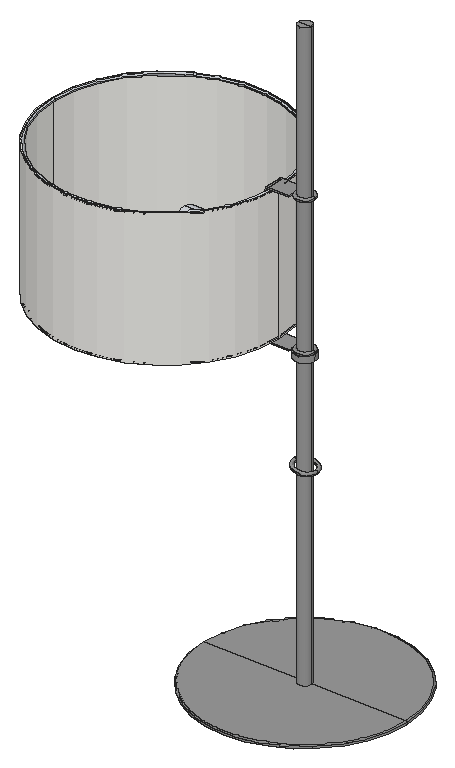
Revit family "Indoor_Table Lamp_Santa&Cole_TMD", category Luminarias, Revit 2018
Family settings
  Cota de conector redondo = Diámetro de uso
  Tipo de pieza = Normal
  Número OmniClass = 23.80.70.00
  Título OmniClass = Lighting
  Se basa en plano de trabajo = No
  Siempre vertical = Sí
  Corte con vacíos al cargar = No
  Origen de luz = Sí
  Compartido = No
  Punto de cálculo de habitación = No
Parameters
  Wattage = 3.16409 W
  Technical Information = "https://www.santacole.com/recursos/productos/downloads/pdf_espec_tecnicas/SC_TMD_sobremesa_ficha%20tecnica.pdf"
  built-in parameter 1150110 = 1 (stored number, unit not read)
  URL = "https://www.santacole.com/en/catalogue/table-lamps/tmd"
  Manufacturer website = "http://www.santacole.com"
  built-in parameter 1114217 = 1 (stored number, unit not read)
  built-in parameter 1150109 = 1 (stored number, unit not read)
  Energy Label = "https://www.santacole.com/recursos/productos/downloads/pdf_energy_label/Energy%20Label_TMD_without_bulb.pdf"
  Designed by = "Miguel Milá. 1996"
  Contact phone = "+34.938.619.100"
  Contact e-mail = "info@santacole.com"
  built-in parameter 1150134 = (empty or 0)
  built-in parameter 1150113 = 1 (stored number, unit not read)
  Modelo = "TMD"
  Fabricante = "Santa & Cole"
  Lumens = 470 lm
  built-in parameter 1150115 = 1 (stored number, unit not read)
  built-in parameter 1150105 = 37.401 (stored number, unit not read)
  Load = 4.5 W
  Tamaño de símbolo de origen de luz = 50 mm
  built-in parameter 1150137 = (empty or 0)
  built-in parameter 1150139 = (empty or 0)
  built-in parameter 1150112 = 1 (stored number, unit not read)
  built-in parameter 1150114 = 1 (stored number, unit not read)
  Lamp = ""
  built-in parameter 1150132 = 2
  built-in parameter 1150102 = (empty or 0)
  built-in parameter 1150138 = (empty or 0)
  built-in parameter 1150107 = 2700 (stored number, unit not read)
  built-in parameter 1150106 = 0.37401 (stored number, unit not read)
  built-in parameter 1150104 = 13.8 (stored number, unit not read)
  Code = "TME08"
  Dimming Lamp Color Temperature Shift = (empty or 0)
  Color Filter = 16777215
  built-in parameter 1114218 = 1 (stored number, unit not read)
  Assembly instructions - UL = "https://www.santacole.com/recursos/productos/downloads/pdf_montaje/TMD_sobremesa_im_UL.pdf"
  Assembly instructions - CE = "https://www.santacole.com/recursos/productos/downloads/pdf_montaje/TMD_sobremesa_im.pdf"
  built-in parameter 1150133 = 10 (stored number, unit not read)
  Apparent Load = 4.5 VA
Reference planes
  plane 1 "Light Source Axis (F/B)": y = 0
  plane 2: z = 0
  plane 3 "Light Source Axis (L/R)": x = 0
  plane 4 "Light Source Elevation": z = 408.338
  plane 5 "Sección": through (-11.431, -5000, 219.3) normal (0.1736, 0, 0.9848)
Forms (mm)
  Revolve 1, solid, material "Santa & Cole - Nickel"
    sketch origin (0, 0, 0) x (1, 0, 0) y (0, 0, 1)
      loop
        line (-112.5, 2.8) -> (-112.5, 0.8) -> (-110, 0.8) -> (-110, 0) -> (0, 0) -> (0, 653.8) -> (-7, 653.8) -> (-7, 3.8) -> (-111.5, 3.8)
        arc (-111.5, 3.8) -> (-112.207, 3.507) -> (-112.5, 2.8) r 1
      axis (0, 653.8) -> (0, 0)
    angle from 0 to 360
  Revolve 2, solid, material "Santa & Cole - Nickel"
    sketch origin (0, 0, 0) x (1, 0, 0) y (0, 0, 1)
      loop
        line (-7.147, 331) -> (-11.148, 331) -> (-11.148, 325) -> (-7.147, 325) -> (-7.147, 331)
      axis (0, 331) -> (0, 325)
    angle from 0 to 360
  Revolve 3, solid, material "Santa & Cole - Nickel"
    sketch origin (0, 0, 0) x (1, 0, 0) y (0, 0, 1)
      loop
        circle (-8.747, 332.5) r 1.5
      loop
        circle (-8.747, 484.7) r 1.5
      axis (0, 484.7) -> (0, 332.5)
    angle from 0 to 360
  Extrusion 4, solid, material "Santa & Cole - Nickel"
    sketch origin (0, 0, 0) x (1, 0, 0) y (0, 0, 1)
      loop
        arc (-33.651, 485.3) -> (-34.783, 484.986) -> (-35.593, 484.134) r 2.2
        arc (-35.593, 484.134) -> (-54.45, 408.6) -> (-35.593, 333.066) r 160.706
        arc (-35.593, 333.066) -> (-34.783, 332.214) -> (-33.651, 331.9) r 2.2
        line (-33.651, 331.9) -> (-10.248, 331.9) -> (-10.248, 333.1) -> (-33.651, 333.1)
        arc (-33.651, 333.1) -> (-34.166, 333.243) -> (-34.533, 333.63) r 1
        arc (-34.533, 333.63) -> (-53.25, 408.6) -> (-34.533, 483.57) r 159.506
        arc (-34.533, 483.57) -> (-34.166, 483.957) -> (-33.651, 484.1) r 1
        line (-33.651, 484.1) -> (-10.245, 484.1) -> (-10.245, 485.3) -> (-33.651, 485.3)
    from -10 to 10
  Revolve 5, solid
    sketch origin (0, 0, 0) x (1, 0, 0) y (0, 0, 1)
      loop
        circle (-277.735, 481.85) r 1.25
      loop
        circle (-277.735, 334.35) r 1.25
      axis (-154.236, 481.85) -> (-154.236, 334.35)
    angle from 0 to 360
  Revolve 6, solid, material "Santa & Cole - White Linen"
    sketch origin (0, 0, 0) x (1, 0, 0) y (0, 0, 1)
      loop
        line (-278.983, 483.1) -> (-279.783, 483.1) -> (-279.783, 333.1) -> (-278.983, 333.1) -> (-278.983, 483.1)
      axis (-154.235, 483.1) -> (-154.235, 333.1)
    angle from 0 to 360
  Revolve 7, solid
    sketch origin (0, 0, 0) x (1, 0, 0) y (0, 0, 1)
      loop
        line (-132.95, 389.452) -> (-90.45, 389.452) -> (-88.75, 392.402) -> (-58.403, 392.402)
        arc (-58.403, 392.402) -> (-55.608, 393.56) -> (-54.45, 396.355) r 3.953
        line (-54.45, 396.355) -> (-54.45, 402.105) -> (-42.81, 402.105) -> (-42.81, 408.338) -> (-132.95, 408.338) -> (-132.95, 389.452)
      axis (-132.95, 408.338) -> (-42.81, 408.338)
    angle from 0 to 360
  Revolve 8, solid, material "Santa & Cole - Nickel"
    sketch origin (0, 0, 0) x (1, 0, 0) y (0, 0, 1)
      loop
        circle (-11.337, 219.115) r 1.578
      axis (0.438, 217.317) -> (0.264, 216.332)
    angle from 0 to 360
Lines and regions (mm)
  model lines, style "Predeterminado", not visible
    curve 1: line (0, -3.75, 375) -> (0, 3.75, 375)
    curve 2: line (0, 3.75, 375) -> (0, -3.75, 375)
    curve 3: line (0, 15, 86.75) -> (0, -15, 86.75)
    curve 4: line (0, -10, 65) -> (0, -15, 82.176)
    curve 5: line (0, -10, 25) -> (0, -10, 65)
    curve 6: line (0, 6.344, 17.27) -> (0, 10, 25)
    curve 7: line (0, -1.951, 15.192) -> (0, 6.344, 17.27)
    curve 8: line (0, -10, 25) -> (0, -1.951, 15.192)
    curve 9: line (0, 10, 25) -> (0, 10, 65)
    curve 10: line (0, 15, 82.176) -> (0, 10, 65)
    curve 11: line (0, 15, 86.75) -> (0, -15, 86.75)
Dimensions and locks
  aligned and locked: plane 1 "Light Source Axis (F/B)" to imposter light
  aligned and locked: plane 4 "Light Source Elevation" to imposter light
  aligned and locked: level to plane 2
